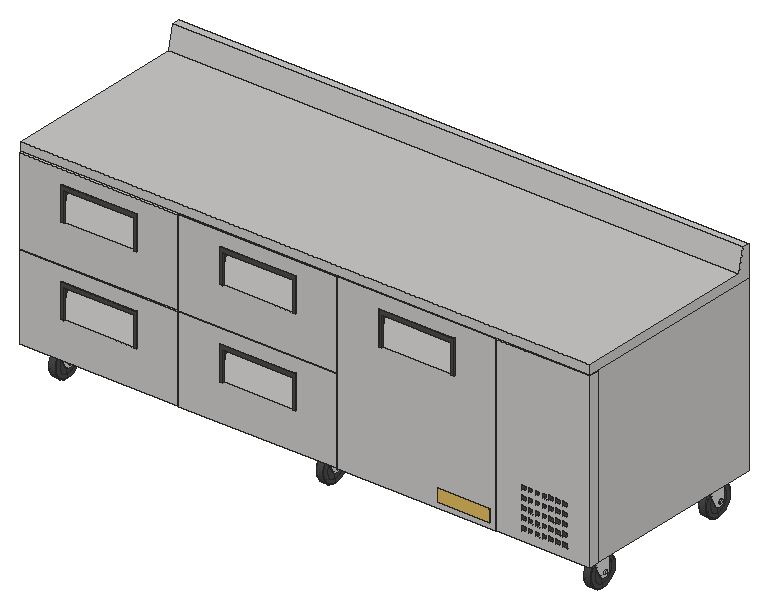
Revit family
Parameters
  Weight = "610 lbs."
  Watts = FL Amps * Volts  # 1115.5 W
  Volts = 115 V
  URL Manufacturer = "www.truemfg.com"
  URL Cutsheet = "www.truemfg.com"
  URL = "www.truemfg.com"
  Type Mark [instance] = ""
  Status [instance] = ""
  Specification by User [instance] = ""
  Specification by Manufacturer = ""
  Show Seismic Flanged [instance] = no
  Show Logo [instance] = yes
  Show Legs [instance] = no
  Show Clearance [instance] = yes
  Show Casters [instance] = and(not(Show Legs), not(Show Seismic Flanged))  # yes
  Serial Number = ""
  Seismic Rating = ""
  Seismic Plate [instance] = and(Show Seismic Flanged, not(Show Casters))  # no
  SMACNA No = ""
  Revision Code [instance] = ""
  Phase = 1
  Omniclass Number and Title = ""
  Number of Poles [instance] = 1
  NAFEM Spec ID Number = ""
  Model = "TWT-93D-4"
  Min Ckt Ampacity = 0 A
  Max Overcurrent Protection = 0 A
  MasterSpec. = ""
  Manufacturer = "TRUE FOOD SERVICE EQUIPMENT, INC."
  Legs [instance] = or(Show Legs, Show Seismic Flanged)  # no
  Item Number [instance] = ""
  Installed By [instance] = ""
  Identify Quantity as Lot [instance] = yes
  HP = "1/2"
  Furnished By [instance] = ""
  Foodservice Equipment Identifier [instance] = yes
  FL Amps = 9.7 A
  Electrical Remarks [instance] = "230-240/50/1"
  Electric Connection Type [instance] = ""
  Elec Conn RI Height [instance] = 0"
  Elec Conn Connection Height [instance] = 0"
  Right/Left Option [instance] = no
  Description = "Deep Worktop Drawered Refrigerator"
  Cycle = 60 Hz
  Conn Plug NEMA = "NEMA 5-15P"
  Conn Conduit = yes
  CSI MasterFormat = ""
  CSI Master Format = ""
  Body Finish = QF_Finishes_Stainless Steel
  Base Height [instance] = if(Legs, 6", 6 3/16")  # 6 3/16"
  Apparent Power = if(Phase = 3, Volts * FL Amps * 1.73, Volts * FL Amps)  # 1115.5 VA
Reference planes (in)
  plane 1 "BACK": y = -16.5
  plane 2: z = 0
  plane 3 "LEFT": x = 0
  plane 4 "RIGHT": x = 93.25
  plane 5 "FRONT": y = -49.875
  plane 6 "TOP": z = 35.9375
  plane 7: z = 6.1875
Forms (in)
  Revolve 1, solid, material "QF_Finishes_Stainless Steel" <- "Body Finish", visible <- "Legs"
    sketch origin (0.84375, -20.82507, 0) x (1, 0, 0) y (0, 0, -1)
      loop
        line (2, -6.1875) -> (2, -0.1875) -> (1.5, -0.1875) -> (1.5, -1.1875) -> (1.25, -1.1875) -> (0.53856, -6.1875) -> (2, -6.1875)
      axis (2, -0.1875) -> (2, -6.1875)
    angle from 0 to 360
  Extrusion 2, solid, material "QF_Finishes_Stainless Steel" <- "Body Finish", visible <- "Seismic Plate"
    sketch origin (-0.22541, -19.13091, 0) x (1, 0, 0) y (0, 1, 0)
      loop
        circle (3.06916, -1.69416) r 1.5
    from 0 to 0.25
  Revolve 3, solid, material "QF_Finishes_Stainless Steel" <- "Body Finish", visible <- "Legs"
    sketch origin (0.84375, -44.40673, 0) x (1, 0, 0) y (0, 0, -1)
      loop
        line (2, -6.1875) -> (2, -0.1875) -> (1.5, -0.1875) -> (1.5, -1.1875) -> (1.25, -1.1875) -> (0.53856, -6.1875) -> (2, -6.1875)
      axis (2, -0.1875) -> (2, -6.1875)
    angle from 0 to 360
  Extrusion 4, solid, material "QF_Finishes_Stainless Steel" <- "Body Finish", visible <- "Seismic Plate"
    sketch origin (-0.22541, -44.40008, 0) x (1, 0, 0) y (0, 1, 0)
      loop
        circle (3.06916, -0.00665) r 1.5
    from 0 to 0.25
  Revolve 5, solid, material "QF_Finishes_Stainless Steel" <- "Body Finish", visible <- "Legs"
    sketch origin (88.40625, -20.82507, 0) x (1, 0, 0) y (0, 0, -1)
      loop
        line (2, -6.1875) -> (2, -0.1875) -> (1.5, -0.1875) -> (1.5, -1.1875) -> (1.25, -1.1875) -> (0.53856, -6.1875) -> (2, -6.1875)
      axis (2, -0.1875) -> (2, -6.1875)
    angle from 0 to 360
  Extrusion 6, solid, material "QF_Finishes_Stainless Steel" <- "Body Finish", visible <- "Seismic Plate"
    sketch origin (87.33709, -19.13091, 0) x (1, 0, 0) y (0, 1, 0)
      loop
        circle (3.06916, -1.69416) r 1.5
    from 0 to 0.25
  Revolve 7, solid, material "QF_Finishes_Stainless Steel" <- "Body Finish", visible <- "Legs"
    sketch origin (88.40625, -44.40673, 0) x (1, 0, 0) y (0, 0, -1)
      loop
        line (2, -6.1875) -> (2, -0.1875) -> (1.5, -0.1875) -> (1.5, -1.1875) -> (1.25, -1.1875) -> (0.53856, -6.1875) -> (2, -6.1875)
      axis (2, -0.1875) -> (2, -6.1875)
    angle from 0 to 360
  Extrusion 8, solid, material "QF_Finishes_Stainless Steel" <- "Body Finish", visible <- "Seismic Plate"
    sketch origin (87.33709, -44.40008, 0) x (1, 0, 0) y (0, 1, 0)
      loop
        circle (3.06916, -0.00665) r 1.5
    from 0 to 0.25
  Revolve 9, solid, material "QF_Finishes_Stainless Steel" <- "Body Finish", visible <- "Legs"
    sketch origin (44.625, -20.82507, 0) x (1, 0, 0) y (0, 0, -1)
      loop
        line (2, -6.1875) -> (2, -0.1875) -> (1.5, -0.1875) -> (1.5, -1.1875) -> (1.25, -1.1875) -> (0.53856, -6.1875) -> (2, -6.1875)
      axis (2, -0.1875) -> (2, -6.1875)
    angle from 0 to 360
  Extrusion 10, solid, material "QF_Finishes_Stainless Steel" <- "Body Finish", visible <- "Seismic Plate"
    sketch origin (43.55584, -19.13091, 0) x (1, 0, 0) y (0, 1, 0)
      loop
        circle (3.06916, -1.69416) r 1.5
    from 0 to 0.25
  Revolve 11, solid, material "QF_Finishes_Stainless Steel" <- "Body Finish", visible <- "Legs"
    sketch origin (44.625, -44.40673, 0) x (1, 0, 0) y (0, 0, -1)
      loop
        line (2, -6.1875) -> (2, -0.1875) -> (1.5, -0.1875) -> (1.5, -1.1875) -> (1.25, -1.1875) -> (0.53856, -6.1875) -> (2, -6.1875)
      axis (2, -0.1875) -> (2, -6.1875)
    angle from 0 to 360
  Extrusion 12, solid, material "QF_Finishes_Stainless Steel" <- "Body Finish", visible <- "Seismic Plate"
    sketch origin (43.55584, -44.40008, 0) x (1, 0, 0) y (0, 1, 0)
      loop
        circle (3.06916, -0.00665) r 1.5
    from 0 to 0.25
Lines and regions (in)
  symbolic lines, style "SpecialityEquipmentHiddenLines", visible <- "Show Casters"
    curve 1: line (1.05276, -22.68104, 0) -> (2.13882, -23.30808, 0)
    curve 2: line (3.55276, -18.35092, 0) -> (1.05276, -22.68104, 0)
    curve 3: line (4.63882, -18.97795, 0) -> (3.55276, -18.35092, 0)
    curve 4: line (2.13882, -23.30808, 0) -> (4.63882, -18.97795, 0)
    curve 5: line (44.83401, -22.68104, 0) -> (45.92007, -23.30808, 0)
    curve 6: line (47.33401, -18.35092, 0) -> (44.83401, -22.68104, 0)
    curve 7: line (48.42007, -18.97795, 0) -> (47.33401, -18.35092, 0)
    curve 8: line (45.92007, -23.30808, 0) -> (48.42007, -18.97795, 0)
    curve 9: line (88.61526, -22.68104, 0) -> (89.70132, -23.30808, 0)
    curve 10: line (91.11526, -18.35092, 0) -> (88.61526, -22.68104, 0)
    curve 11: line (92.20132, -18.97795, 0) -> (91.11526, -18.35092, 0)
    curve 12: line (89.70132, -23.30808, 0) -> (92.20132, -18.97795, 0)
    curve 13: line (1.05276, -46.26271, 0) -> (2.13882, -46.88975, 0)
    curve 14: line (3.55276, -41.93258, 0) -> (1.05276, -46.26271, 0)
    curve 15: line (4.63882, -42.55962, 0) -> (3.55276, -41.93258, 0)
    curve 16: line (2.13882, -46.88975, 0) -> (4.63882, -42.55962, 0)
    curve 17: line (44.83401, -46.26271, 0) -> (45.92007, -46.88975, 0)
    curve 18: line (47.33401, -41.93258, 0) -> (44.83401, -46.26271, 0)
    curve 19: line (48.42007, -42.55962, 0) -> (47.33401, -41.93258, 0)
    curve 20: line (45.92007, -46.88975, 0) -> (48.42007, -42.55962, 0)
    curve 21: line (88.61526, -46.26271, 0) -> (89.70132, -46.88975, 0)
    curve 22: line (91.11526, -41.93258, 0) -> (88.61526, -46.26271, 0)
    curve 23: line (92.20132, -42.55962, 0) -> (91.11526, -41.93258, 0)
    curve 24: line (89.70132, -46.88975, 0) -> (92.20132, -42.55962, 0)
Dimensions and locks (in)
  plane 5 "FRONT" to plane 1 "BACK" = 33 3/8"  (x2)
  "Base Height": plane 7 to level
  Revolve 3 sketch curve to Revolve 3 sketch curve to Revolve 3 sketch curve = 5" locked, 1" locked
  Revolve 1 sketch curve to Revolve 1 sketch curve to Revolve 1 sketch curve = 5" locked, 1" locked
  Revolve 7 sketch curve to Revolve 7 sketch curve to Revolve 7 sketch curve = 5" locked, 1" locked
  Revolve 5 sketch curve to Revolve 5 sketch curve to Revolve 5 sketch curve = 5" locked, 1" locked
  Revolve 11 sketch curve to Revolve 11 sketch curve to Revolve 11 sketch curve = 5" locked, 1" locked
  Revolve 9 sketch curve to Revolve 9 sketch curve to Revolve 9 sketch curve = 5" locked, 1" locked
  nested 1 to level = 39 1/2"
  plane 5 "FRONT" to nested 1 to plane 1 "BACK" = 32 3/8", 1"
  nested 1 to nested 1 to nested 1 = 30 13/32", 1 31/32"
  aligned and locked: level to plane 2
  aligned and locked: Revolve 3 sketch curve to plane 7
  aligned and locked: Revolve 1 sketch curve to plane 7
  aligned and locked: plane 1 "BACK" to nested 1
  aligned and locked: plane 3 "LEFT" to nested 1
  aligned and locked: plane 4 "RIGHT" to nested 1
  aligned and locked: nested 1 to plane 7
Automatic sketch dimensions
  plane 3 "LEFT" to Revolve 1 sketch curve = 1.38231"
  plane 3 "LEFT" to Revolve 1 sketch curve = 2 3/32"
  Revolve 1 sketch curve to Revolve 1 sketch curve = 1/4"
  Revolve 1 sketch curve to Revolve 1 sketch curve = 1/2"
  Revolve 1 sketch curve to Revolve 1 sketch curve = 0"
  Revolve 1 sketch curve to Revolve 1 sketch curve = 23/32"
  Revolve 1 sketch curve to plane 7 = 1 1/2"
  plane 3 "LEFT" to Extrusion 2 sketch curve = 2 27/32"
  plane 1 "BACK" to Extrusion 2 sketch curve = 4.32507"
  plane 3 "LEFT" to Revolve 3 sketch curve = 1.38231"
  plane 3 "LEFT" to Revolve 3 sketch curve = 2 3/32"
  Revolve 3 sketch curve to Revolve 3 sketch curve = 1/4"
  Revolve 3 sketch curve to Revolve 3 sketch curve = 1/2"
  Revolve 3 sketch curve to Revolve 3 sketch curve = 0"
  Revolve 3 sketch curve to Revolve 3 sketch curve = 23/32"
  Revolve 3 sketch curve to plane 7 = 1 1/2"
  plane 3 "LEFT" to Extrusion 4 sketch curve = 2 27/32"
  Extrusion 4 sketch curve to plane 5 "FRONT" = 5.46827"
  Revolve 5 sketch curve to plane 7 = 0"
  Revolve 5 sketch curve to plane 4 "RIGHT" = 4.30519"
  Revolve 5 sketch curve to plane 4 "RIGHT" = 3 19/32"
  Revolve 5 sketch curve to Revolve 5 sketch curve = 1/4"
  Revolve 5 sketch curve to Revolve 5 sketch curve = 1/2"
  Revolve 5 sketch curve to Revolve 5 sketch curve = 0"
  Revolve 5 sketch curve to Revolve 5 sketch curve = 23/32"
  Revolve 5 sketch curve to plane 7 = 1 1/2"
  Extrusion 6 sketch curve to plane 4 "RIGHT" = 2 27/32"
  plane 1 "BACK" to Extrusion 6 sketch curve = 4.32507"
  Revolve 7 sketch curve to plane 7 = 0"
  Revolve 7 sketch curve to plane 4 "RIGHT" = 4.30519"
  Revolve 7 sketch curve to plane 4 "RIGHT" = 3 19/32"
  Revolve 7 sketch curve to Revolve 7 sketch curve = 1/4"
  Revolve 7 sketch curve to Revolve 7 sketch curve = 1/2"
  Revolve 7 sketch curve to Revolve 7 sketch curve = 0"
  Revolve 7 sketch curve to Revolve 7 sketch curve = 23/32"
  Revolve 7 sketch curve to plane 7 = 1 1/2"
  Extrusion 8 sketch curve to plane 4 "RIGHT" = 2 27/32"
  Extrusion 8 sketch curve to plane 5 "FRONT" = 5.46827"
  Revolve 9 sketch curve to plane 7 = 0"
  plane 3 "LEFT" to Revolve 9 sketch curve = 45.16356"
  Revolve 9 sketch curve to Revolve 9 sketch curve = 0.71144"
  Revolve 9 sketch curve to Revolve 9 sketch curve = 1/4"
  Revolve 9 sketch curve to Revolve 9 sketch curve = 1/2"
  Revolve 9 sketch curve to Revolve 9 sketch curve = 0"
  Revolve 9 sketch curve to Revolve 9 sketch curve = 23/32"
  Revolve 9 sketch curve to plane 7 = 1 1/2"
  plane 1 "BACK" to Extrusion 10 sketch curve = 4.32507"
  plane 3 "LEFT" to Extrusion 10 sketch curve = 46 5/8"
  Revolve 11 sketch curve to plane 7 = 0"
  plane 3 "LEFT" to Revolve 11 sketch curve = 45.16356"
  Revolve 11 sketch curve to Revolve 11 sketch curve = 0.71144"
  Revolve 11 sketch curve to Revolve 11 sketch curve = 1/4"
  Revolve 11 sketch curve to Revolve 11 sketch curve = 1/2"
  Revolve 11 sketch curve to Revolve 11 sketch curve = 0"
  Revolve 11 sketch curve to Revolve 11 sketch curve = 23/32"
  Revolve 11 sketch curve to plane 7 = 1 1/2"
  Extrusion 12 sketch curve to plane 5 "FRONT" = 5.46827"
  plane 3 "LEFT" to Extrusion 12 sketch curve = 46 5/8"
  plane 3 "LEFT" to curve 1 = 1.05276"
  plane 3 "LEFT" to curve 14 = 1.05276"
  curve 1 to curve 4 = 1.08606"
  curve 13 to curve 13 = 1.08606"
  plane 3 "LEFT" to curve 14 = 3.55276"
  plane 3 "LEFT" to curve 2 = 3.55276"
  plane 1 "BACK" to curve 5 = 6.18104"
  curve 17 to plane 5 "FRONT" = 3.61229"
  curve 17 to plane 5 "FRONT" = 2.98525"
  curve 17 to curve 17 = 1.08606"
  plane 1 "BACK" to curve 8 = 6.80808"
  curve 5 to curve 8 = 1.08606"
  curve 18 to plane 5 "FRONT" = 7.94242"
  plane 1 "BACK" to curve 7 = 1.85092"
  curve 9 to plane 4 "RIGHT" = 4.63474"
  curve 22 to plane 4 "RIGHT" = 4.63474"
  curve 21 to curve 21 = 1.08606"
  curve 9 to curve 9 = 1.08606"
  curve 23 to plane 4 "RIGHT" = 2.13474"
  curve 10 to plane 4 "RIGHT" = 2.13474"
  curve 13 to plane 5 "FRONT" = 2.98525"
  curve 24 to plane 5 "FRONT" = 2.98525"
  curve 21 to curve 21 = 0.62704"
  curve 13 to curve 13 = 0.62704"
  plane 1 "BACK" to curve 4 = 6.80808"
  plane 1 "BACK" to curve 12 = 6.80808"
  curve 9 to curve 9 = 0.62704"
  curve 1 to curve 2 = 0.62704"
  curve 15 to curve 17 = 40.19519"
  curve 5 to curve 18 = 2 1/2"
  radius of Extrusion 2 sketch curve = 1 1/2"
  radius of Extrusion 4 sketch curve = 1 1/2"
  radius of Extrusion 6 sketch curve = 1 1/2"
  radius of Extrusion 8 sketch curve = 1 1/2"
  radius of Extrusion 10 sketch curve = 1 1/2"
  radius of Extrusion 12 sketch curve = 1 1/2"
Nested families (in)
  nested 1: "True_TWT-93D-4" at (0, 0, 0), Show Logo <- "Show Logo", Show Clearance <- "Show Clearance", Show Casters <- "Show Casters", Door Left Right Option <- "Right/Left Option", type "True_TWT-93D-4"
    with Show Logo yes, Show Clearance yes, Show Casters yes, Right Clearance yes, RD 15 1/2", Left Clearance no, LD 0", Door Left Right Option no
Connectors (in)
  electrical at (89.81571, -17.5625, 12), driven by "Volts", driven by "Watts"
    settings: on nested 1, index 1, voltage 115 V, apparent load 1115.5 VA, apparent load phase1 0 VA, apparent load phase2 0 VA, apparent load phase3 0 VA, power factor 1, load classification "Other", number of poles 1, system type 30, power factor state 1, is connector primary yes, connector utility no, sub classification motor no, connector description "Electrical Connection"
Definition of nested family "True_TWT-93D-4"
  Parameters (values of type "True_TWT-93D-4")
    URL = ""
    Show Logo [instance] = yes
    Show Clearance [instance] = yes
    Show Casters [instance] = yes
    Right Clearance [instance] = and(not(Door Left Right Option), Show Clearance)  # yes
    RD [instance] = if(Door Left Right Option, 67 1/2", 15 1/2")  # 15 1/2"
    Model = ""
    Manufacturer = ""
    Left Clearance [instance] = and(Door Left Right Option, Show Clearance)  # no
    LD [instance] = if(Door Left Right Option, 26", 0")  # 0"
    Door Left Right Option [instance] = no
    Description = ""
    Assembly Code = ""
  Reference planes (in)
    plane 1 "BACK": y = -16.5
    plane 2: z = 0
    plane 3 "LEFT": x = 0
    plane 4 "RIGHT": x = 93.25
    plane 5 "FRONT": y = -49.875
    plane 6 "TOP": z = 35.9375
  Forms (in)
    Extrusion 1, solid, material "QF_Finishes_Stainless Steel"
      sketch origin (0, -1, 0) x (0, 1, 0) y (0, 0, 1)
        loop
          line (-47, 34.5) -> (-47, 6.1875) -> (-16.5, 6.1875) -> (-16.5, 34.5) -> (-47, 34.5)
      from 0 to 93.25
    Extrusion 2, solid, material "QF_Finishes_Black"
      sketch origin (0, -16.88, 0) x (1, 0, 0) y (0, 0, 1)
        loop
          line (52, 34.28323) -> (52, 6.1875) -> (77.75, 6.1875) -> (77.75, 34.28323) -> (52, 34.28323)
        loop
          line (58.75, 26.5625) -> (71.125, 26.5625) -> (71.125, 32.0625) -> (58.75, 32.0625) -> (58.75, 26.5625)
      from 31.44201 to 33
    Extrusion 3, solid, material "QF_Finishes_Black"
      sketch origin (1.125, -0.63, 0) x (0, 1, 0) y (0, 0, 1)
        loop
          line (-47.69201, 33.8406) -> (-47.69201, 20.73438) -> (-47.37, 20.73438) -> (-47.37, 33.8406) -> (-47.69201, 33.8406)
      from -0.625 to 24.125
    Extrusion 4, solid, material "QF_Finishes_Stainless Steel"
      sketch origin (0.5625, -0.38, 0) x (0, 1, 0) y (0, 0, 1)
        loop
          line (-47.94201, 32.0625) -> (-49.5, 26.5625) -> (-47.94201, 26.5625) -> (-47.94201, 32.0625)
        loop
          line (-47.94201, 17.79489) -> (-49.5, 12.29489) -> (-47.94201, 12.29489) -> (-47.94201, 17.79489)
      from 6.1875 to 18.5625
    Extrusion 5, solid, material "QF_Finishes_Black"
      sketch origin (0.5625, -49.88, 0) x (1, 0, 0) y (0, 0, 1)
        loop
          line (18.5625, 32.0625) -> (6.1875, 32.0625) -> (6.1875, 26.5625) -> (6.6875, 26.5625) -> (6.6875, 31.3125) -> (18.0625, 31.3125) -> (18.0625, 26.5625) -> (18.5625, 26.5625) -> (18.5625, 32.0625)
        loop
          line (44.5625, 32.0625) -> (32.1875, 32.0625) -> (32.1875, 26.5625) -> (32.6875, 26.5625) -> (32.6875, 31.3125) -> (44.0625, 31.3125) -> (44.0625, 26.5625) -> (44.5625, 26.5625) -> (44.5625, 32.0625)
        loop
          line (44.5625, 17.79489) -> (32.1875, 17.79489) -> (32.1875, 12.29489) -> (32.6875, 12.29489) -> (32.6875, 17.04489) -> (44.0625, 17.04489) -> (44.0625, 12.29489) -> (44.5625, 12.29489) -> (44.5625, 17.79489)
        loop
          line (18.5625, 17.79489) -> (6.1875, 17.79489) -> (6.1875, 12.29489) -> (6.6875, 12.29489) -> (6.6875, 17.04489) -> (18.0625, 17.04489) -> (18.0625, 12.29489) -> (18.5625, 12.29489) -> (18.5625, 17.79489)
      from 0 to 0.125
    Extrusion 6, solid, material "QF_Finishes_Stainless Steel"
      sketch origin (64.6875, -16.5, 0) x (1, 0, 0) y (0, 0, 1)
        loop
          line (7.5625, 6.1875) -> (7.5625, 3.5625) -> (20.3125, 3.5625) -> (20.3125, 6.1875) -> (7.5625, 6.1875)
      from 1.69409 to 21.69409
    Extrusion 7, solid, material "QF_Finishes_Stainless Steel"
      sketch origin (64.57454, -16.5, -9.83802) x (1, 0, 0) y (0, 0, 1)
        loop
          circle (22.96499, 40.7598) r 0.46875
      from 0 to 1
    Extrusion 8, solid, material "QF_Finishes_Stainless Steel"
      sketch origin (28.67546, -16.5, -9.83802) x (-1, 0, 0) y (0, 0, -1)
        loop
          circle (22.96499, -40.7598) r 0.46875
      from 0 to 1
    Extrusion 9, solid, material "QF_Finishes_Stainless Steel"
      sketch origin (64.52196, -17.5, 0) x (1, 0, 0) y (0, 0, 1)
        loop
          circle (25.29375, 12) r 0.25
      from 0 to 0.0625
    Extrusion 10, solid, material "QF_Finishes_Handrails and Railings", visible <- "Show Casters"
      sketch origin (0.84375, -43.05219, 1.18891) x (0, 1, 0) y (0, 0, 1)
        loop
          line (-3.9827, 4.36074) -> (-3.9827, 3.75589) -> (-3.6077, 3.75589) -> (-2.25253, 1.15484)
          arc (-2.25253, 1.15484) -> (-1.35455, 0.51289) -> (-0.45657, 1.15484) r 0.94903
          line (-0.45657, 1.15484) -> (-0.54355, 4.36074) -> (-3.9827, 4.36074)
      from 1.175 to 1.325
    Revolve 11, solid, material "QF_Finishes_Chrome - Satin", visible <- "Show Casters"
      sketch origin (0.84375, -45.31531, 0.68891) x (1, 0, 0) y (0, 0, 1)
        loop
          line (2, 4.86074) -> (2, 5.49859) -> (0.60918, 5.49859) -> (0.60918, 4.86074) -> (2, 4.86074)
        axis (2, 4.86074) -> (2, 5.49859)
      angle from 0 to 360
    Extrusion 12, solid, material "QF_Finishes_Handrails and Railings", visible <- "Show Casters"
      sketch origin (-46.9375, -43.05219, 1.18891) x (0, 1, 0) y (0, 0, 1)
        loop
          line (-3.9827, 4.36074) -> (-3.9827, 3.75589) -> (-3.6077, 3.75589) -> (-0.53736, 4.13288) -> (-0.54355, 4.36074) -> (-3.9827, 4.36074)
      from 49.10625 to 50.45625
    Revolve 13, solid, material "QF_Finishes_Black", visible <- "Show Casters"
      sketch origin (0.84375, -44.40399, 1) x (1, 0, 0) y (0, 0, 1)
        loop
          line (1.475, 4) -> (1.375, 3.9) -> (1.375, 3.29941) -> (1.53601, 3.29941) -> (1.53601, 2.04941) -> (1.375, 2.04941) -> (1.375, 1.79941) -> (0.975, 1.79941) -> (0.975, 1.5) -> (3.025, 1.5) -> (3.025, 1.79941) -> (2.62908, 1.79941) -> (2.62908, 2.04941) -> (2.46399, 2.04941) -> (2.46399, 3.29941) -> (2.62908, 3.29941) -> (2.62908, 3.89592) -> (2.525, 4) -> (1.475, 4)
        axis (3.025, 1.5) -> (0.975, 1.5)
      angle from 0 to 360
    Extrusion 14, solid, material "QF_Finishes_Handrails and Railings", visible <- "Show Casters"
      sketch origin (4.84375, -43.05219, 1.18891) x (0, 1, 0) y (0, 0, -1)
        loop
          line (-3.9827, -3.75589) -> (-3.9827, -4.36074) -> (-0.54355, -4.36074) -> (-0.45657, -1.15484)
          arc (-0.45657, -1.15484) -> (-1.35455, -0.51289) -> (-2.25253, -1.15484) r 0.94903
          line (-2.25253, -1.15484) -> (-3.6077, -3.75589) -> (-3.9827, -3.75589)
      from 1.175 to 1.325
    Extrusion 15, solid, material "QF_Finishes_Handrails and Railings", visible <- "Show Casters"
      sketch origin (0.84375, -19.47769, 1.18891) x (0, 1, 0) y (0, 0, 1)
        loop
          line (-3.9827, 4.36074) -> (-3.9827, 3.75589) -> (-3.6077, 3.75589) -> (-2.25253, 1.15484)
          arc (-2.25253, 1.15484) -> (-1.35455, 0.51289) -> (-0.45657, 1.15484) r 0.94903
          line (-0.45657, 1.15484) -> (-0.54355, 4.36074) -> (-3.9827, 4.36074)
      from 1.175 to 1.325
    Revolve 16, solid, material "QF_Finishes_Chrome - Satin", visible <- "Show Casters"
      sketch origin (0.84375, -21.74082, 0.68891) x (1, 0, 0) y (0, 0, 1)
        loop
          line (2, 4.86074) -> (2, 5.49859) -> (0.60918, 5.49859) -> (0.60918, 4.86074) -> (2, 4.86074)
        axis (2, 4.86074) -> (2, 5.49859)
      angle from 0 to 360
    Extrusion 17, solid, material "QF_Finishes_Handrails and Railings", visible <- "Show Casters"
      sketch origin (-46.9375, -19.47769, 1.18891) x (0, 1, 0) y (0, 0, 1)
        loop
          line (-3.9827, 4.36074) -> (-3.9827, 3.75589) -> (-3.6077, 3.75589) -> (-0.53736, 4.13288) -> (-0.54355, 4.36074) -> (-3.9827, 4.36074)
      from 49.10625 to 50.45625
    Revolve 18, solid, material "QF_Finishes_Black", visible <- "Show Casters"
      sketch origin (0.84375, -20.8295, 1) x (1, 0, 0) y (0, 0, 1)
        loop
          line (1.475, 4) -> (1.375, 3.9) -> (1.375, 3.29941) -> (1.53601, 3.29941) -> (1.53601, 2.04941) -> (1.375, 2.04941) -> (1.375, 1.79941) -> (0.975, 1.79941) -> (0.975, 1.5) -> (3.025, 1.5) -> (3.025, 1.79941) -> (2.62908, 1.79941) -> (2.62908, 2.04941) -> (2.46399, 2.04941) -> (2.46399, 3.29941) -> (2.62908, 3.29941) -> (2.62908, 3.89592) -> (2.525, 4) -> (1.475, 4)
        axis (3.025, 1.5) -> (0.975, 1.5)
      angle from 0 to 360
    Extrusion 19, solid, material "QF_Finishes_Handrails and Railings", visible <- "Show Casters"
      sketch origin (4.84375, -19.47769, 1.18891) x (0, 1, 0) y (0, 0, -1)
        loop
          line (-3.9827, -3.75589) -> (-3.9827, -4.36074) -> (-0.54355, -4.36074) -> (-0.45657, -1.15484)
          arc (-0.45657, -1.15484) -> (-1.35455, -0.51289) -> (-2.25253, -1.15484) r 0.94903
          line (-2.25253, -1.15484) -> (-3.6077, -3.75589) -> (-3.9827, -3.75589)
      from 1.175 to 1.325
    Extrusion 20, solid, material "QF_Finishes_Handrails and Railings", visible <- "Show Casters"
      sketch origin (92.40625, -43.05219, 1.18891) x (0, 1, 0) y (0, 0, -1)
        loop
          line (-3.9827, -4.36074) -> (-0.54355, -4.36074) -> (-0.45657, -1.15484)
          arc (-0.45657, -1.15484) -> (-1.35455, -0.51289) -> (-2.25253, -1.15484) r 0.94903
          line (-2.25253, -1.15484) -> (-3.6077, -3.75589) -> (-3.9827, -3.75589) -> (-3.9827, -4.36074)
      from 1.175 to 1.325
    Revolve 21, solid, material "QF_Finishes_Chrome - Satin", visible <- "Show Casters"
      sketch origin (92.40625, -45.31531, 0.68891) x (-1, 0, 0) y (0, 0, -1)
        loop
          line (2, -4.86074) -> (0.60918, -4.86074) -> (0.60918, -5.49859) -> (2, -5.49859) -> (2, -4.86074)
        axis (2, -4.86074) -> (2, -5.49859)
      angle from 0 to 360
    Extrusion 22, solid, material "QF_Finishes_Handrails and Railings", visible <- "Show Casters"
      sketch origin (140.1875, -43.05219, 1.18891) x (0, 1, 0) y (0, 0, -1)
        loop
          line (-3.9827, -4.36074) -> (-0.54355, -4.36074) -> (-0.53736, -4.13288) -> (-3.6077, -3.75589) -> (-3.9827, -3.75589) -> (-3.9827, -4.36074)
      from 49.10625 to 50.45625
    Revolve 23, solid, material "QF_Finishes_Black", visible <- "Show Casters"
      sketch origin (92.40625, -44.40399, 1) x (-1, 0, 0) y (0, 0, -1)
        loop
          line (1.475, -4) -> (2.525, -4) -> (2.62908, -3.89592) -> (2.62908, -3.29941) -> (2.46399, -3.29941) -> (2.46399, -2.04941) -> (2.62908, -2.04941) -> (2.62908, -1.79941) -> (3.025, -1.79941) -> (3.025, -1.5) -> (0.975, -1.5) -> (0.975, -1.79941) -> (1.375, -1.79941) -> (1.375, -2.04941) -> (1.53601, -2.04941) -> (1.53601, -3.29941) -> (1.375, -3.29941) -> (1.375, -3.9) -> (1.475, -4)
        axis (3.025, -1.5) -> (0.975, -1.5)
      angle from 0 to 360
    Extrusion 24, solid, material "QF_Finishes_Handrails and Railings", visible <- "Show Casters"
      sketch origin (88.40625, -43.05219, 1.18891) x (0, 1, 0) y (0, 0, 1)
        loop
          line (-3.9827, 3.75589) -> (-3.6077, 3.75589) -> (-2.25253, 1.15484)
          arc (-2.25253, 1.15484) -> (-1.35455, 0.51289) -> (-0.45657, 1.15484) r 0.94903
          line (-0.45657, 1.15484) -> (-0.54355, 4.36074) -> (-3.9827, 4.36074) -> (-3.9827, 3.75589)
      from 1.175 to 1.325
    Extrusion 25, solid, material "QF_Finishes_Handrails and Railings", visible <- "Show Casters"
      sketch origin (92.40625, -19.47769, 1.18891) x (0, 1, 0) y (0, 0, -1)
        loop
          line (-3.9827, -4.36074) -> (-0.54355, -4.36074) -> (-0.45657, -1.15484)
          arc (-0.45657, -1.15484) -> (-1.35455, -0.51289) -> (-2.25253, -1.15484) r 0.94903
          line (-2.25253, -1.15484) -> (-3.6077, -3.75589) -> (-3.9827, -3.75589) -> (-3.9827, -4.36074)
      from 1.175 to 1.325
    Revolve 26, solid, material "QF_Finishes_Chrome - Satin", visible <- "Show Casters"
      sketch origin (92.40625, -21.74082, 0.68891) x (-1, 0, 0) y (0, 0, -1)
        loop
          line (2, -4.86074) -> (0.60918, -4.86074) -> (0.60918, -5.49859) -> (2, -5.49859) -> (2, -4.86074)
        axis (2, -4.86074) -> (2, -5.49859)
      angle from 0 to 360
    Extrusion 27, solid, material "QF_Finishes_Handrails and Railings", visible <- "Show Casters"
      sketch origin (140.1875, -19.47769, 1.18891) x (0, 1, 0) y (0, 0, -1)
        loop
          line (-3.9827, -4.36074) -> (-0.54355, -4.36074) -> (-0.53736, -4.13288) -> (-3.6077, -3.75589) -> (-3.9827, -3.75589) -> (-3.9827, -4.36074)
      from 49.10625 to 50.45625
    Revolve 28, solid, material "QF_Finishes_Black", visible <- "Show Casters"
      sketch origin (92.40625, -20.8295, 1) x (-1, 0, 0) y (0, 0, -1)
        loop
          line (1.475, -4) -> (2.525, -4) -> (2.62908, -3.89592) -> (2.62908, -3.29941) -> (2.46399, -3.29941) -> (2.46399, -2.04941) -> (2.62908, -2.04941) -> (2.62908, -1.79941) -> (3.025, -1.79941) -> (3.025, -1.5) -> (0.975, -1.5) -> (0.975, -1.79941) -> (1.375, -1.79941) -> (1.375, -2.04941) -> (1.53601, -2.04941) -> (1.53601, -3.29941) -> (1.375, -3.29941) -> (1.375, -3.9) -> (1.475, -4)
        axis (3.025, -1.5) -> (0.975, -1.5)
      angle from 0 to 360
    Extrusion 29, solid, material "QF_Finishes_Handrails and Railings", visible <- "Show Casters"
      sketch origin (88.40625, -19.47769, 1.18891) x (0, 1, 0) y (0, 0, 1)
        loop
          line (-3.9827, 3.75589) -> (-3.6077, 3.75589) -> (-2.25253, 1.15484)
          arc (-2.25253, 1.15484) -> (-1.35455, 0.51289) -> (-0.45657, 1.15484) r 0.94903
          line (-0.45657, 1.15484) -> (-0.54355, 4.36074) -> (-3.9827, 4.36074) -> (-3.9827, 3.75589)
      from 1.175 to 1.325
    Extrusion 30, solid, material "QF_Finishes_Stainless Steel"
      sketch origin (26.5625, -0.38, 0) x (0, 1, 0) y (0, 0, 1)
        loop
          line (-47.94201, 32.0625) -> (-49.5, 26.5625) -> (-47.94201, 26.5625) -> (-47.94201, 32.0625)
        loop
          line (-47.94201, 17.79489) -> (-49.5, 12.29489) -> (-47.94201, 12.29489) -> (-47.94201, 17.79489)
      from 6.1875 to 18.5625
    Extrusion 31, solid, material "QF_Finishes_Stainless Steel"
      sketch origin (52.5625, -0.38, 0) x (0, 1, 0) y (0, 0, 1)
        loop
          line (-47.94201, 32.0625) -> (-49.5, 26.5625) -> (-47.94201, 26.5625) -> (-47.94201, 32.0625)
      from 6.1875 to 18.5625
    Extrusion 32, solid, material "QF_Finishes_Black"
      sketch origin (52.5625, -49.88, 0) x (1, 0, 0) y (0, 0, 1)
        loop
          line (18.5625, 32.0625) -> (6.1875, 32.0625) -> (6.1875, 26.5625) -> (6.6875, 26.5625) -> (6.6875, 31.3125) -> (18.0625, 31.3125) -> (18.0625, 26.5625) -> (18.5625, 26.5625) -> (18.5625, 32.0625)
      from 0 to 0.125
    Extrusion 33, solid, material "QF_Finishes_Handrails and Railings", visible <- "Show Casters"
      sketch origin (44.625, -43.05219, 1.18891) x (0, 1, 0) y (0, 0, 1)
        loop
          line (-3.9827, 4.36074) -> (-3.9827, 3.75589) -> (-3.6077, 3.75589) -> (-2.25253, 1.15484)
          arc (-2.25253, 1.15484) -> (-1.35455, 0.51289) -> (-0.45657, 1.15484) r 0.94903
          line (-0.45657, 1.15484) -> (-0.54355, 4.36074) -> (-3.9827, 4.36074)
      from 1.175 to 1.325
    Revolve 34, solid, material "QF_Finishes_Chrome - Satin", visible <- "Show Casters"
      sketch origin (44.625, -45.31531, 0.68891) x (1, 0, 0) y (0, 0, 1)
        loop
          line (2, 4.86074) -> (2, 5.49859) -> (0.60918, 5.49859) -> (0.60918, 4.86074) -> (2, 4.86074)
        axis (2, 4.86074) -> (2, 5.49859)
      angle from 0 to 360
    Extrusion 35, solid, material "QF_Finishes_Handrails and Railings", visible <- "Show Casters"
      sketch origin (-3.15625, -43.05219, 1.18891) x (0, 1, 0) y (0, 0, 1)
        loop
          line (-3.9827, 4.36074) -> (-3.9827, 3.75589) -> (-3.6077, 3.75589) -> (-0.53736, 4.13288) -> (-0.54355, 4.36074) -> (-3.9827, 4.36074)
      from 49.10625 to 50.45625
    Revolve 36, solid, material "QF_Finishes_Black", visible <- "Show Casters"
      sketch origin (44.625, -44.40399, 1) x (1, 0, 0) y (0, 0, 1)
        loop
          line (1.475, 4) -> (1.375, 3.9) -> (1.375, 3.29941) -> (1.53601, 3.29941) -> (1.53601, 2.04941) -> (1.375, 2.04941) -> (1.375, 1.79941) -> (0.975, 1.79941) -> (0.975, 1.5) -> (3.025, 1.5) -> (3.025, 1.79941) -> (2.62908, 1.79941) -> (2.62908, 2.04941) -> (2.46399, 2.04941) -> (2.46399, 3.29941) -> (2.62908, 3.29941) -> (2.62908, 3.89592) -> (2.525, 4) -> (1.475, 4)
        axis (3.025, 1.5) -> (0.975, 1.5)
      angle from 0 to 360
    Extrusion 37, solid, material "QF_Finishes_Handrails and Railings", visible <- "Show Casters"
      sketch origin (48.625, -43.05219, 1.18891) x (0, 1, 0) y (0, 0, -1)
        loop
          line (-3.9827, -3.75589) -> (-3.9827, -4.36074) -> (-0.54355, -4.36074) -> (-0.45657, -1.15484)
          arc (-0.45657, -1.15484) -> (-1.35455, -0.51289) -> (-2.25253, -1.15484) r 0.94903
          line (-2.25253, -1.15484) -> (-3.6077, -3.75589) -> (-3.9827, -3.75589)
      from 1.175 to 1.325
    Extrusion 38, solid, material "QF_Finishes_Handrails and Railings", visible <- "Show Casters"
      sketch origin (44.625, -19.47769, 1.18891) x (0, 1, 0) y (0, 0, 1)
        loop
          line (-3.9827, 4.36074) -> (-3.9827, 3.75589) -> (-3.6077, 3.75589) -> (-2.25253, 1.15484)
          arc (-2.25253, 1.15484) -> (-1.35455, 0.51289) -> (-0.45657, 1.15484) r 0.94903
          line (-0.45657, 1.15484) -> (-0.54355, 4.36074) -> (-3.9827, 4.36074)
      from 1.175 to 1.325
    Revolve 39, solid, material "QF_Finishes_Chrome - Satin", visible <- "Show Casters"
      sketch origin (44.625, -21.74082, 0.68891) x (1, 0, 0) y (0, 0, 1)
        loop
          line (2, 4.86074) -> (2, 5.49859) -> (0.60918, 5.49859) -> (0.60918, 4.86074) -> (2, 4.86074)
        axis (2, 4.86074) -> (2, 5.49859)
      angle from 0 to 360
    Extrusion 40, solid, material "QF_Finishes_Handrails and Railings", visible <- "Show Casters"
      sketch origin (-3.15625, -19.47769, 1.18891) x (0, 1, 0) y (0, 0, 1)
        loop
          line (-3.9827, 4.36074) -> (-3.9827, 3.75589) -> (-3.6077, 3.75589) -> (-0.53736, 4.13288) -> (-0.54355, 4.36074) -> (-3.9827, 4.36074)
      from 49.10625 to 50.45625
    Revolve 41, solid, material "QF_Finishes_Black", visible <- "Show Casters"
      sketch origin (44.625, -20.8295, 1) x (1, 0, 0) y (0, 0, 1)
        loop
          line (1.475, 4) -> (1.375, 3.9) -> (1.375, 3.29941) -> (1.53601, 3.29941) -> (1.53601, 2.04941) -> (1.375, 2.04941) -> (1.375, 1.79941) -> (0.975, 1.79941) -> (0.975, 1.5) -> (3.025, 1.5) -> (3.025, 1.79941) -> (2.62908, 1.79941) -> (2.62908, 2.04941) -> (2.46399, 2.04941) -> (2.46399, 3.29941) -> (2.62908, 3.29941) -> (2.62908, 3.89592) -> (2.525, 4) -> (1.475, 4)
        axis (3.025, 1.5) -> (0.975, 1.5)
      angle from 0 to 360
    Extrusion 42, solid, material "QF_Finishes_Handrails and Railings", visible <- "Show Casters"
      sketch origin (48.625, -19.47769, 1.18891) x (0, 1, 0) y (0, 0, -1)
        loop
          line (-3.9827, -3.75589) -> (-3.9827, -4.36074) -> (-0.54355, -4.36074) -> (-0.45657, -1.15484)
          arc (-0.45657, -1.15484) -> (-1.35455, -0.51289) -> (-2.25253, -1.15484) r 0.94903
          line (-2.25253, -1.15484) -> (-3.6077, -3.75589) -> (-3.9827, -3.75589)
      from 1.175 to 1.325
    Extrusion 43, solid, material "QF_Finishes_Black"
      sketch origin (1.125, -0.63, -14.04688) x (0, 1, 0) y (0, 0, 1)
        loop
          line (-47.69201, 33.5625) -> (-47.69201, 20.73438) -> (-47.37, 20.73438) -> (-47.37, 33.5625) -> (-47.69201, 33.5625)
      from -0.625 to 24.125
    Extrusion 44, solid, material "QF_Finishes_Black"
      sketch origin (27.125, -0.63, 0) x (0, 1, 0) y (0, 0, 1)
        loop
          line (-47.69201, 33.8406) -> (-47.69201, 20.73438) -> (-47.37, 20.73438) -> (-47.37, 33.8406) -> (-47.69201, 33.8406)
      from -0.625 to 24.125
    Extrusion 45, solid, material "QF_Finishes_Black"
      sketch origin (27.125, -0.63, -14.04688) x (0, 1, 0) y (0, 0, 1)
        loop
          line (-47.69201, 33.5625) -> (-47.69201, 20.73438) -> (-47.37, 20.73438) -> (-47.37, 33.5625) -> (-47.69201, 33.5625)
      from -0.625 to 24.125
    Extrusion 46, solid, material "QF_Finishes_Black"
      sketch origin (53.125, -0.63, 0) x (0, 1, 0) y (0, 0, 1)
        loop
          line (-47.69201, 33.8406) -> (-47.69201, 6.6875) -> (-47.37, 6.6875) -> (-47.37, 33.8406) -> (-47.69201, 33.8406)
      from -0.625 to 24.125
    Extrusion 47, solid, material "QF_Finishes_Stainless Steel"
      sketch origin (0, -1, 0) x (0, 1, 0) y (0, 0, 1)
        loop
          line (-48.875, 35.9375) -> (-48.875, 34.5) -> (-16.5, 34.5) -> (-16.5, 39.5) -> (-17.71071, 39.5) -> (-18.46875, 35.9375) -> (-48.875, 35.9375)
      from 0 to 93.25
    Extrusion 48, solid, material "QF_Finishes_Drawer Clearance", visible <- "Show Clearance", detail levels coarse
      sketch origin (-148.8544, 15.72093, 0) x (1, 0, 0) y (0, 1, 0)
        loop
          line (148.8544, -65.60093) -> (148.8544, -91.09593) -> (200.6044, -91.09593) -> (200.6044, -65.60093) -> (148.8544, -65.60093)
      from 6.1875 to 34.28323
    Extrusion 49, solid, material "QF_Finishes_Door Clearance", visible <- "Right Clearance", detail levels coarse
      sketch origin (99.51348, -63.9594, 0) x (-1, 0, 0) y (0, -1, 0)
        loop
          line (21.76348, -14.0744) -> (47.51348, -14.0744)
          arc (47.51348, -14.0744) -> (39.97148, 4.1336) -> (21.76348, 11.6756) r 25.75
          line (21.76348, 11.6756) -> (21.76348, -14.0744)
      from 6.1875 to 34.28323
    Extrusion 50, solid, material "QF_Finishes_Black"
      sketch origin (0, -16.88, 0) x (1, 0, 0) y (0, 0, 1)
        loop
          line (25.75, 6.1875) -> (25.75, 20.01563) -> (0, 20.01563) -> (0, 6.1875) -> (25.75, 6.1875)
        loop
          line (25.75, 34.28323) -> (0, 34.28323) -> (0, 20.23438) -> (25.75, 20.23438) -> (25.75, 34.28323)
        loop
          line (6.75, 26.5625) -> (19.125, 26.5625) -> (19.125, 32.0625) -> (6.75, 32.0625) -> (6.75, 26.5625)
        loop
          line (51.75, 6.1875) -> (51.75, 20.01563) -> (26, 20.01563) -> (26, 6.1875) -> (51.75, 6.1875)
        loop
          line (51.75, 34.28323) -> (26, 34.28323) -> (26, 20.23438) -> (51.75, 20.23438) -> (51.75, 34.28323)
        loop
          line (32.75, 26.5625) -> (45.125, 26.5625) -> (45.125, 32.0625) -> (32.75, 32.0625) -> (32.75, 26.5625)
        loop
          line (6.75, 12.29489) -> (19.125, 12.29489) -> (19.125, 17.79489) -> (6.75, 17.79489) -> (6.75, 12.29489)
        loop
          line (32.75, 12.29489) -> (45.125, 12.29489) -> (45.125, 17.79489) -> (32.75, 17.79489) -> (32.75, 12.29489)
      from 31.44201 to 33
    Extrusion 51, solid, material "QF_Finishes_Black"
      sketch origin (0, -16.88, 0) x (1, 0, 0) y (0, 0, 1)
        loop
          line (93.25, 6.1875) -> (93.25, 34.28323) -> (77.9375, 34.28323) -> (77.9375, 6.1875) -> (93.25, 6.1875)
        loop
          line (85.44909, 13.72725) -> (86.19909, 13.72725) -> (86.19909, 14.47725) -> (85.44909, 14.47725) -> (85.44909, 13.72725)
        loop
          line (85.44909, 12.22725) -> (86.19909, 12.22725) -> (86.19909, 12.97725) -> (85.44909, 12.97725) -> (85.44909, 12.22725)
        loop
          line (85.44909, 10.72725) -> (86.19909, 10.72725) -> (86.19909, 11.47725) -> (85.44909, 11.47725) -> (85.44909, 10.72725)
        loop
          line (85.44909, 9.22725) -> (86.19909, 9.22725) -> (86.19909, 9.97725) -> (85.44909, 9.97725) -> (85.44909, 9.22725)
        loop
          line (85.44909, 7.72725) -> (86.19909, 7.72725) -> (86.19909, 8.47725) -> (85.44909, 8.47725) -> (85.44909, 7.72725)
        loop
          line (86.57409, 13.72725) -> (87.32409, 13.72725) -> (87.32409, 14.47725) -> (86.57409, 14.47725) -> (86.57409, 13.72725)
        loop
          line (86.57409, 12.22725) -> (87.32409, 12.22725) -> (87.32409, 12.97725) -> (86.57409, 12.97725) -> (86.57409, 12.22725)
        loop
          line (86.57409, 10.72725) -> (87.32409, 10.72725) -> (87.32409, 11.47725) -> (86.57409, 11.47725) -> (86.57409, 10.72725)
        loop
          line (86.57409, 9.22725) -> (87.32409, 9.22725) -> (87.32409, 9.97725) -> (86.57409, 9.97725) -> (86.57409, 9.22725)
        loop
          line (86.57409, 7.72725) -> (87.32409, 7.72725) -> (87.32409, 8.47725) -> (86.57409, 8.47725) -> (86.57409, 7.72725)
        loop
          line (87.69909, 13.72725) -> (88.44909, 13.72725) -> (88.44909, 14.47725) -> (87.69909, 14.47725) -> (87.69909, 13.72725)
        loop
          line (87.69909, 12.22725) -> (88.44909, 12.22725) -> (88.44909, 12.97725) -> (87.69909, 12.97725) -> (87.69909, 12.22725)
        loop
          line (87.69909, 10.72725) -> (88.44909, 10.72725) -> (88.44909, 11.47725) -> (87.69909, 11.47725) -> (87.69909, 10.72725)
        loop
          line (87.69909, 9.22725) -> (88.44909, 9.22725) -> (88.44909, 9.97725) -> (87.69909, 9.97725) -> (87.69909, 9.22725)
        loop
          line (87.69909, 7.72725) -> (88.44909, 7.72725) -> (88.44909, 8.47725) -> (87.69909, 8.47725) -> (87.69909, 7.72725)
        loop
          line (88.82409, 13.72725) -> (89.57409, 13.72725) -> (89.57409, 14.47725) -> (88.82409, 14.47725) -> (88.82409, 13.72725)
        loop
          line (88.82409, 12.22725) -> (89.57409, 12.22725) -> (89.57409, 12.97725) -> (88.82409, 12.97725) -> (88.82409, 12.22725)
        loop
          line (88.82409, 10.72725) -> (89.57409, 10.72725) -> (89.57409, 11.47725) -> (88.82409, 11.47725) -> (88.82409, 10.72725)
        loop
          line (88.82409, 9.22725) -> (89.57409, 9.22725) -> (89.57409, 9.97725) -> (88.82409, 9.97725) -> (88.82409, 9.22725)
        loop
          line (88.82409, 7.72725) -> (89.57409, 7.72725) -> (89.57409, 8.47725) -> (88.82409, 8.47725) -> (88.82409, 7.72725)
        loop
          line (82.07409, 13.72725) -> (82.82409, 13.72725) -> (82.82409, 14.47725) -> (82.07409, 14.47725) -> (82.07409, 13.72725)
        loop
          line (82.07409, 12.22725) -> (82.82409, 12.22725) -> (82.82409, 12.97725) -> (82.07409, 12.97725) -> (82.07409, 12.22725)
        loop
          line (82.07409, 10.72725) -> (82.82409, 10.72725) -> (82.82409, 11.47725) -> (82.07409, 11.47725) -> (82.07409, 10.72725)
        loop
          line (82.07409, 9.22725) -> (82.82409, 9.22725) -> (82.82409, 9.97725) -> (82.07409, 9.97725) -> (82.07409, 9.22725)
        loop
          line (82.07409, 8.47725) -> (82.07409, 7.72725) -> (82.82409, 7.72725) -> (82.82409, 8.47725) -> (82.07409, 8.47725)
        loop
          line (83.19909, 13.72725) -> (83.94909, 13.72725) -> (83.94909, 14.47725) -> (83.19909, 14.47725) -> (83.19909, 13.72725)
        loop
          line (83.19909, 12.22725) -> (83.94909, 12.22725) -> (83.94909, 12.97725) -> (83.19909, 12.97725) -> (83.19909, 12.22725)
        loop
          line (83.19909, 10.72725) -> (83.94909, 10.72725) -> (83.94909, 11.47725) -> (83.19909, 11.47725) -> (83.19909, 10.72725)
        loop
          line (83.19909, 9.22725) -> (83.94909, 9.22725) -> (83.94909, 9.97725) -> (83.19909, 9.97725) -> (83.19909, 9.22725)
        loop
          line (83.19909, 8.47725) -> (83.19909, 7.72725) -> (83.94909, 7.72725) -> (83.94909, 8.47725) -> (83.19909, 8.47725)
        loop
          line (84.32409, 13.72725) -> (85.07409, 13.72725) -> (85.07409, 14.47725) -> (84.32409, 14.47725) -> (84.32409, 13.72725)
        loop
          line (84.32409, 12.22725) -> (85.07409, 12.22725) -> (85.07409, 12.97725) -> (84.32409, 12.97725) -> (84.32409, 12.22725)
        loop
          line (84.32409, 10.72725) -> (85.07409, 10.72725) -> (85.07409, 11.47725) -> (84.32409, 11.47725) -> (84.32409, 10.72725)
        loop
          line (84.32409, 9.22725) -> (85.07409, 9.22725) -> (85.07409, 9.97725) -> (84.32409, 9.97725) -> (84.32409, 9.22725)
        loop
          line (84.32409, 8.47725) -> (84.32409, 7.72725) -> (85.07409, 7.72725) -> (85.07409, 8.47725) -> (84.32409, 8.47725)
      from 31.44201 to 33
    Extrusion 52, solid, material "QF_Finishes_Satin - Goldenrod", visible <- "Show Logo"
      sketch origin (2.7893, -15.125, -25.19972) x (1, 0, 0) y (0, 0, 1)
        loop
          line (74.12331, 34.29477) -> (65.52331, 34.29477) -> (65.52331, 32.2921) -> (74.12331, 32.2921) -> (74.12331, 34.29477)
      from 34.75 to 34.80335
    Extrusion 53, solid, material "QF_Finishes_Door Clearance", visible <- "Left Clearance", detail levels coarse
      sketch origin (30.23652, -63.9594, 0) x (1, 0, 0) y (0, 1, 0)
        loop
          line (21.76348, 14.0744) -> (21.76348, -11.6756)
          arc (21.76348, -11.6756) -> (39.97148, -4.1336) -> (47.51348, 14.0744) r 25.75
          line (47.51348, 14.0744) -> (21.76348, 14.0744)
      from 6.1875 to 34.28323
  Lines and regions (in)
    Split face 1
      outline origin (2.93175, -49.92835, -25.19972) x (1, 0, 0) y (0, 0, 1)
        loop
          line (65.50482, 34.16977) -> (65.50482, 32.4171) -> (73.85482, 32.4171) -> (73.85482, 34.16977) -> (65.50482, 34.16977)
    Split face 2
      outline origin (2.93069, -49.92835, -25.19972) x (1, 0, 0) y (0, 0, 1)
        loop
          line (68.27226, 34.09478) -> (66.5628, 34.09478) -> (65.63749, 32.4921) -> (67.34695, 32.4921) -> (68.27226, 34.09478)
    Split face 3
      outline origin (2.93069, -49.92835, -25.19972) x (1, 0, 0) y (0, 0, 1)
        loop
          line (68.68561, 33.93666) -> (68.60688, 33.76782) -> (69.65417, 33.76782)
          arc (69.65417, 33.76782) -> (69.67543, 33.73023) -> (69.65417, 33.69265) r 0.04386
          line (69.65417, 33.69265) -> (69.38102, 33.10687)
          arc (69.38102, 33.10687) -> (69.37865, 33.05261) -> (69.41535, 33.01257) r 0.07096
          line (69.41535, 33.01257) -> (70.085, 33.01257)
          arc (70.085, 33.01257) -> (70.16956, 33.03923) -> (70.22354, 33.10957) r 0.14742
          line (70.22354, 33.10957) -> (70.4385, 33.57057) -> (70.636, 33.57057)
          arc (70.636, 33.57057) -> (70.68782, 33.55151) -> (70.68032, 33.49681) r 0.04405
          line (70.68032, 33.49681) -> (70.50045, 33.11108)
          arc (70.50045, 33.11108) -> (70.50325, 33.04702) -> (70.55733, 33.01257) r 0.06943
          line (70.55733, 33.01257) -> (71.14575, 33.01257)
          arc (71.14575, 33.01257) -> (71.19083, 33.02898) -> (71.21482, 33.07053) r 0.07014
          arc (71.21482, 33.07053) -> (71.2318, 33.02955) -> (71.27278, 33.01257) r 0.05796
          line (71.27278, 33.01257) -> (71.64535, 33.01257)
          arc (71.64535, 33.01257) -> (71.68839, 33.02411) -> (71.7199, 33.05561) r 0.08608
          arc (71.7199, 33.05561) -> (71.73499, 33.01919) -> (71.7714, 33.00411) r 0.0515
          line (71.7714, 33.00411) -> (72.30092, 33.00411)
          arc (72.30092, 33.00411) -> (72.34421, 33.02204) -> (72.36215, 33.06533) r 0.06122
          arc (72.36215, 33.06533) -> (72.40183, 33.02565) -> (72.45604, 33.01112) r 0.10842
          line (72.45604, 33.01112) -> (73.44796, 33.01112) -> (73.55814, 33.20197) -> (72.55765, 33.20197)
          arc (72.55765, 33.20197) -> (72.53004, 33.22111) -> (72.52901, 33.2547) r 0.03732
          line (72.52901, 33.2547) -> (72.54631, 33.29182)
          arc (72.54631, 33.29182) -> (72.57289, 33.32663) -> (72.61464, 33.33983) r 0.07263
          line (72.61464, 33.33983) -> (72.93624, 33.33983)
          arc (72.93624, 33.33983) -> (73.00565, 33.35843) -> (73.05646, 33.40924) r 0.13882
          line (73.05646, 33.40924) -> (73.1496, 33.57057)
          arc (73.1496, 33.57057) -> (73.1496, 33.65668) -> (73.07503, 33.69973) r 0.08611
          line (73.07503, 33.69973) -> (72.73562, 33.69973)
          arc (72.73562, 33.69973) -> (72.64909, 33.68503) -> (72.58873, 33.62132) r 0.13863
          line (72.58873, 33.62132) -> (72.42744, 33.27543)
          arc (72.42744, 33.27543) -> (72.37984, 33.21339) -> (72.30526, 33.18988) r 0.13002
          line (72.30526, 33.18988) -> (71.95319, 33.18988)
          arc (71.95319, 33.18988) -> (71.91105, 33.23587) -> (71.91377, 33.2982) r 0.08151
          line (71.91377, 33.2982) -> (72.10101, 33.69973) -> (71.98184, 33.69973) -> (71.78347, 33.27432)
          arc (71.78347, 33.27432) -> (71.74493, 33.22409) -> (71.68454, 33.20505) r 0.10527
          line (71.68454, 33.20505) -> (71.44177, 33.20505)
          arc (71.44177, 33.20505) -> (71.40075, 33.25851) -> (71.40954, 33.32533) r 0.08805
          line (71.40954, 33.32533) -> (71.58413, 33.69973) -> (71.46107, 33.69973) -> (71.26011, 33.26878)
          arc (71.26011, 33.26878) -> (71.21346, 33.22213) -> (71.14974, 33.20505) r 0.12745
          line (71.14974, 33.20505) -> (70.79819, 33.20505)
          arc (70.79819, 33.20505) -> (70.73505, 33.23449) -> (70.72898, 33.3039) r 0.06967
          line (70.72898, 33.3039) -> (70.84453, 33.5517) -> (71.00787, 33.5517)
          arc (71.00787, 33.5517) -> (71.03544, 33.63477) -> (71.0941, 33.69973) r 0.21289
          line (71.0941, 33.69973) -> (70.45579, 33.69973)
          arc (70.45579, 33.69973) -> (70.38486, 33.684) -> (70.33577, 33.63044) r 0.12081
          line (70.33577, 33.63044) -> (70.16275, 33.25939)
          arc (70.16275, 33.25939) -> (70.12297, 33.21961) -> (70.06863, 33.20505) r 0.10869
          line (70.06863, 33.20505) -> (69.68755, 33.20505)
          arc (69.68755, 33.20505) -> (69.65781, 33.24525) -> (69.66347, 33.29493) r 0.06822
          line (69.66347, 33.29493) -> (69.91491, 33.76782) -> (70.54931, 33.76782) -> (70.62804, 33.93666) -> (69.99364, 33.93666) -> (70.07237, 34.10549) -> (69.84669, 34.10549) -> (69.76796, 33.93666) -> (68.68561, 33.93666)
    Split face 4
      outline origin (2.92964, -49.92835, -25.19972) x (1, 0, 0) y (0, 0, 1)
        loop
          arc (72.69272, 33.54644) -> (72.66526, 33.53908) -> (72.64515, 33.51897) r 0.05494
          line (72.64515, 33.51897) -> (72.62882, 33.46875)
          arc (72.62882, 33.46875) -> (72.63639, 33.45046) -> (72.65468, 33.44289) r 0.02586
          line (72.65468, 33.44289) -> (72.93224, 33.44289)
          arc (72.93224, 33.44289) -> (72.95223, 33.44732) -> (72.96848, 33.45979) r 0.04731
          line (72.96848, 33.45979) -> (72.98198, 33.52229)
          arc (72.98198, 33.52229) -> (72.97801, 33.53902) -> (72.96249, 33.54644) r 0.01994
          line (72.96249, 33.54644) -> (72.69272, 33.54644)
    symbolic lines
      curve 1: line (6.17922, -16.5, 0) -> (5.24172, -16.5, 0)
      curve 2: line (6.17922, -16.5, 0) -> (6.17922, -17.5, 0)
      curve 3: line (5.24172, -16.5, 0) -> (5.24172, -17.5, 0)
      curve 4: line (87.07079, -16.5, 0) -> (88.00829, -16.5, 0)
      curve 5: line (87.07079, -16.5, 0) -> (87.07079, -17.5, 0)
      curve 6: line (88.00829, -16.5, 0) -> (88.00829, -17.5, 0)
    symbolic lines, style "QF_Drawer Clearance", visible <- "Show Clearance", detail levels coarse
      curve 7: line (51.75, -49.875, 0) -> (51.75, -75.375, 0)
      curve 10: line (0, -75.375, 0) -> (0, -49.875, 0)
      curve 11: line (0, -75.375, 0) -> (51.75, -75.375, 0)
    symbolic lines, style "QF-Door Swings", visible <- "Right Clearance", detail levels coarse
      curve 8: line (77.75, -49.88, 0) -> (77.75, -75.635, 0)
      curve 9: arc (52, -49.88, 0) -> (59.54023, -68.09123, 0) -> (77.75, -75.635, 0) r 25.75
    symbolic lines, style "QF-Door Swings", visible <- "Left Clearance", detail levels coarse
      curve 12: line (52, -49.88, 0) -> (52, -75.635, 0)
      curve 13: arc (77.75, -49.88, 0) -> (70.20977, -68.09123, 0) -> (52, -75.635, 0) r 25.75
  Dimensions and locks (in)
    plane 3 "LEFT" to plane 4 "RIGHT" = 93 1/4"
    plane 4 "RIGHT" to plane 3 "LEFT" = 93 1/4"
    locked: Extrusion 6 to Extrusion 6 at 12.75
    plane 4 "RIGHT" to Extrusion 6 = 8 1/4"
    plane 6 "TOP" to level = 35 15/16"  (x2)
    plane 5 "FRONT" to Extrusion 1 to plane 1 "BACK" = 32 3/8", 1"
    Extrusion 47 to level = 39 1/2"
    Extrusion 52 to Split face 1 to Split face 3 to Split face 4 to Split face 4 to Split face 3 to Split face 3 to Split face 3 to Split face 3 to Split face 3 to Split face 3 to Split face 2 to Split face 2 to Split face 1 to Extrusion 52 = 0.12605" locked, 0.40791" locked, 0.48053" locked, 0.33966" locked, 17/64" locked, 0.64224" locked, 0.50508" locked, 0.77632" locked, 0.52359" locked, 1.2293" locked, 0.41335" locked, 1.70946" locked, 1.05693" locked, 0.12395" locked
    Extrusion 50 sketch curve to Extrusion 50 sketch curve to Extrusion 50 sketch curve to Extrusion 50 sketch curve to Extrusion 50 sketch curve to Extrusion 50 sketch curve to Extrusion 50 sketch curve to Extrusion 50 sketch curve = 6 5/8" locked, 12 3/8" locked, 6 3/4" locked, 1/4" locked, 6 5/8" locked, 12 3/8" locked, 6 3/4" locked
    Extrusion 5 sketch curve to Extrusion 5 sketch curve to Extrusion 5 sketch curve to Extrusion 5 sketch curve = 1/2" locked, 11 3/8" locked, 1/2" locked  (x2)
    locked: Extrusion 50 to Extrusion 43 at 0.5  (x2)
    locked: Extrusion 50 to Extrusion 45 at 0.5  (x2)
    "LD": plane 3 "LEFT" to Extrusion 50
    Extrusion 2 sketch curve to Extrusion 2 sketch curve to Extrusion 2 sketch curve to Extrusion 2 sketch curve = 6 3/4" locked, 12 3/8" locked, 6 5/8" locked
    Extrusion 32 sketch curve to Extrusion 32 sketch curve to Extrusion 32 sketch curve to Extrusion 32 sketch curve = 1/2" locked, 11 3/8" locked, 1/2" locked
    locked: Extrusion 2 to Extrusion 52 at 0.83739
    locked: Extrusion 2 to Extrusion 46 at 0.5  (x2)
    "RD": plane 4 "RIGHT" to Extrusion 2
    aligned and locked: level to plane 2
    aligned: Extrusion 4 to Extrusion 2  (x2)
    aligned: Extrusion 6 to Extrusion 2
    aligned and locked: Extrusion 14 sketch curve to Extrusion 10  (x5)
    aligned and locked: Extrusion 12 sketch curve to Extrusion 10
    aligned and locked: Extrusion 19 sketch curve to Extrusion 15  (x5)
    aligned and locked: Extrusion 17 sketch curve to Extrusion 15
    aligned and locked: Extrusion 20 to Extrusion 24 sketch curve  (x2)
    aligned and locked: Extrusion 24 sketch curve to Extrusion 20  (x3)
    aligned and locked: Extrusion 22 sketch curve to Extrusion 20
    aligned and locked: Extrusion 25 to Extrusion 29 sketch curve  (x2)
    aligned and locked: Extrusion 29 sketch curve to Extrusion 25  (x3)
    aligned and locked: Extrusion 27 sketch curve to Extrusion 25
    aligned and locked: Extrusion 37 sketch curve to Extrusion 33  (x5)
    aligned and locked: Extrusion 35 sketch curve to Extrusion 33
    aligned and locked: Extrusion 42 sketch curve to Extrusion 38  (x5)
    aligned and locked: Extrusion 40 sketch curve to Extrusion 38
    aligned and locked: Extrusion 50 sketch curve to Extrusion 50 sketch curve  (x8)
    aligned and locked: Extrusion 5 sketch curve to Extrusion 5 sketch curve  (x8)
    aligned and locked: Extrusion 5 sketch curve to Extrusion 50
    aligned and locked: Extrusion 50 to Extrusion 5 sketch curve
    aligned and locked: Extrusion 4 to Extrusion 50  (x2)
    aligned and locked: Extrusion 30 to Extrusion 50  (x2)
    aligned and locked: Extrusion 3 to Extrusion 43
    aligned and locked: Extrusion 43 to Extrusion 3
    aligned and locked: Extrusion 44 to Extrusion 45
    aligned and locked: Extrusion 45 to Extrusion 44
    aligned and locked: Extrusion 32 sketch curve to Extrusion 2
    aligned and locked: Extrusion 31 to Extrusion 2  (x2)
    aligned and locked: Extrusion 48 to Extrusion 50
    aligned and locked: Extrusion 50 to Extrusion 48
    aligned and locked: curve 7 to Extrusion 48
    aligned and locked: curve 10 to Extrusion 48
    aligned and locked: Extrusion 49 sketch curve to Extrusion 2
    aligned and locked: Extrusion 2 to Extrusion 49 sketch curve
    aligned and locked: Extrusion 49 to Extrusion 49
    aligned and locked: curve 9 to Extrusion 49
    aligned and locked: Extrusion 53 to Extrusion 53
    aligned and locked: Extrusion 53 sketch curve to Extrusion 2
    aligned and locked: Extrusion 2 to Extrusion 53 sketch curve
    aligned and locked: curve 13 to Extrusion 53
    aligned and locked: curve 12 to Extrusion 53
  Automatic sketch dimensions
    plane 1 "BACK" to curve 3 = 0"
    plane 1 "BACK" to curve 5 = 0"
    plane 5 "FRONT" to curve 10 = 0"
    plane 5 "FRONT" to curve 7 = 0"
    plane 3 "LEFT" to curve 3 = 5.24172"
    curve 3 to curve 2 = 15/16"
    curve 12 to curve 9 = 0"  (x2)
    curve 13 to curve 8 = 0"  (x2)
    curve 5 to plane 4 "RIGHT" = 6.17921"
    curve 5 to curve 6 = 15/16"
    plane 5 "FRONT" to curve 10 = 25 1/2"
    curve 5 to curve 4 = 1"
    curve 3 to curve 1 = 1"
    curve 5 to curve 6 = 0"
    curve 3 to curve 2 = 0"
    Extrusion 1 sketch curve to plane 5 "FRONT" = 1 7/8"
    plane 1 "BACK" to Extrusion 1 sketch curve = 1"
    level to Extrusion 1 sketch curve = 6 3/16"
    Extrusion 1 sketch curve to plane 6 "TOP" = 1 7/16"
    level to Extrusion 2 sketch curve = 6 3/16"
    Extrusion 2 sketch curve to plane 4 "RIGHT" = 41 1/4"
    Extrusion 2 sketch curve to plane 6 "TOP" = 9 3/8"
    Extrusion 2 sketch curve to plane 6 "TOP" = 3 7/8"
    Extrusion 2 sketch curve to plane 6 "TOP" = 1.65427"
    Extrusion 3 sketch curve to plane 5 "FRONT" = 1.55299"
    Extrusion 3 sketch curve to Extrusion 3 sketch curve = 0.32201"
    Extrusion 3 sketch curve to plane 6 "TOP" = 15 13/64"
    Extrusion 3 sketch curve to plane 6 "TOP" = 2.0969"
    plane 5 "FRONT" to Extrusion 4 sketch curve = 0.005"  (x2)
    Extrusion 4 sketch curve to plane 5 "FRONT" = 1.55299"  (x2)
    level to Extrusion 4 sketch curve = 12.29489"
    Extrusion 4 sketch curve to Extrusion 4 sketch curve = 5 1/2"
    Extrusion 4 sketch curve to Extrusion 4 sketch curve = 8.76761"
    Extrusion 4 sketch curve to plane 6 "TOP" = 3 7/8"
    level to Extrusion 5 sketch curve = 12.29489"  (x2)
    Extrusion 5 sketch curve to Extrusion 5 sketch curve = 0"  (x2)
    Extrusion 5 sketch curve to Extrusion 5 sketch curve = 4 3/4"  (x2)
    Extrusion 5 sketch curve to Extrusion 5 sketch curve = 3/4"  (x4)
    Extrusion 5 sketch curve to Extrusion 5 sketch curve = 8.76761"  (x4)
    Extrusion 5 sketch curve to plane 6 "TOP" = 4 5/8"  (x2)
    level to Extrusion 6 sketch curve = 3 9/16"
